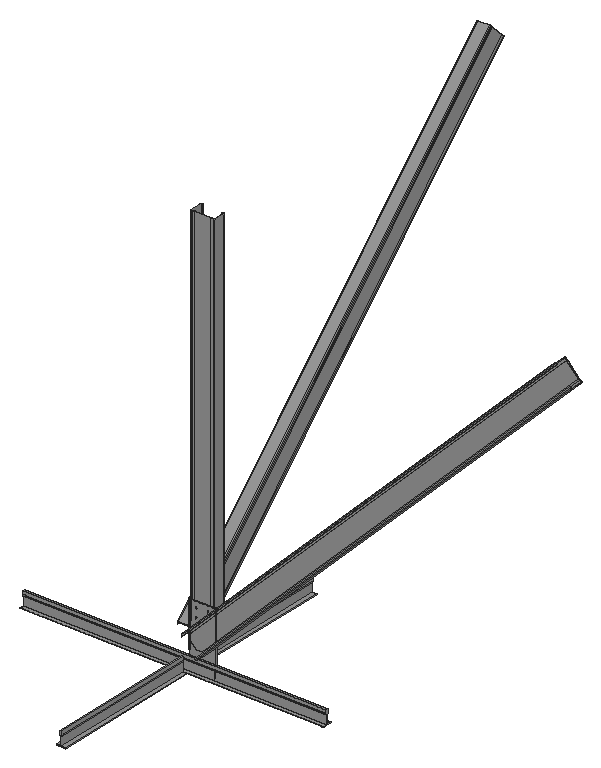
Revit family "Stratobrace", category Generic Models, Revit 2020
Family settings
  Can host rebar = No
  Round Connector Dimension = Use Diameter
  Part Type = Normal
  Work Plane-Based = Yes
  Always vertical = Yes
  Cut with Voids When Loaded = No
  Shared = No
  Room Calculation Point = No
Parameters
  URL = "https://www.tris.co.nz/products/info/126/StratoBrace-Rigid-Ceiling-Brace"
  Sound Transmission Class = "N/A"  # constant formula
  Masterspec CBI = "3421"  # constant formula
  Manufacturer = "Cold Rolled Systems"  # constant formula
  Main Tee Material = Steel
  Main Tee Length [instance] = if(Main Tee Length Input > 100 mm, Main Tee Length Input, 100 mm)  # 800 mm
  Main Tee Length Input [instance] = 800 mm
  Stud 92x35 Boxed [instance] = and(Bracing On, Ceiling Height > 1900 mm)  # no
  Stud 64x35 Boxed [instance] = and(Bracing On, Ceiling Height > 1300 mm, not(Ceiling Height > 1900 mm))  # no
  Stud 64x35 [instance] = and(Bracing On, not(Ceiling Height > 1300 mm))  # yes
  Stratobrace Bracket Material = Steel
  Model = "StratoBrace (Rigid Ceiling Brace)."  # constant formula
  Material = "Grade 250 steel 2mm thick with yield strength of 250MPa."  # constant formula
  IFCName = "Stratobrace"
  IFCExportType = "BRACED_FRAME"
  IFCExportAs = "IfcElementAssembly"
  Fire Protection = "N/A"  # constant formula
  Description = "Designed to lock into a two way suspended grid system to increase its ability to withstand lateral loads."  # constant formula
  Default Elevation = 2200 mm
  Cross Tee Material = Steel
  Cross Tee Length [instance] = if(Cross Tee Length Input > 100 mm, Cross Tee Length Input, 100 mm)  # 400 mm
  Cross Tee Length Input [instance] = 400 mm
  Compression Post Material = Steel
  Compression Post Height [instance] = Brace Arm 1 Length * cos(Brace Arm 1 Angle) - 30.3 mm  # 969.7 mm
  Ceiling Height Input [instance] = 1000 mm
  Ceiling Height [instance] = if(Ceiling Height Input > 2100 mm, 2100 mm, Ceiling Height Input)  # 1000 mm
  Ceiling Framing On [instance] = yes
  Bracing On [instance] = yes
  Brace Arm Material = Steel
  Brace Arm 2 Length [instance] = Ceiling Height / cos(Brace Arm 2 Angle)  # 1414.214 mm
  Brace Arm 2 Angle Input [instance] = 45.00°
  Brace Arm 2 Angle [instance] = if(Brace Arm 2 Angle Input < 35.00°, 35.00°, if(Brace Arm 2 Angle Input > 55.00°, 55.00°, Brace Arm 2 Angle Input))  # 45.00°
  Brace Arm 1 Length [instance] = Ceiling Height / cos(Brace Arm 1 Angle)  # 1414.214 mm
  Brace Arm 1 Angle Input [instance] = 45.00°
  Brace Arm 1 Angle [instance] = if(Brace Arm 1 Angle Input < 35.00°, 35.00°, if(Brace Arm 1 Angle Input > 55.00°, 55.00°, Brace Arm 1 Angle Input))  # 45.00°
Reference planes
  plane 1 "Center (Front/Back)": y = 0
  plane 2: z = 0
  plane 3 "Center (Left/Right)": x = 0
  plane 4: z = 85.563
  plane 5: x = -3.878
  plane 6: y = -4
  plane 7: x = 5
  plane 8: z = 115.88
  plane 9: y = -15
  plane 10: y = 13.6
  plane 11: y = 5
  plane 12: x = 9.742
  plane 13: z = 55.563
  plane 14: y = 9.62
Dimensions and locks
  aligned and locked: level to plane 2
Nested families
  nested 1: "StratobraceBracket" at (0, 0, 4.313), IFCExportAs <- "IFCExportAs", IFCExportType <- "IFCExportType", Stratobrace Bracket Material <- "Stratobrace Bracket Material", type "StratobraceBracket"
    with Stratobrace Bracket Material Steel, IFCExportType "BRACED_FRAME", IFCExportAs "IfcElementAssembly"
  nested 2: "Main Tee_Stratobrace" at (-29.428, -0.75, 1.5), Main Tee Material <- "Main Tee Material", Main Tee Length <- "Main Tee Length", IFCExportAs <- "IFCExportAs", IFCExportType <- "IFCExportType", visible <- "Ceiling Framing On", type "Main Tee_Stratobrace"
    with Main Tee Material Steel, Main Tee Length 800 mm, IFCExportType "BRACED_FRAME", IFCExportAs "IfcElementAssembly"
  nested 3: "Cross Tee_Stratobrace" at (-0.75, 13.6, 1.5) x (0, 1, 0) z (0, 0, 1), Cross Tee Material <- "Cross Tee Material", Cross Tee Length <- "Cross Tee Length", IFCExportAs <- "IFCExportAs", IFCExportType <- "IFCExportType", visible <- "Ceiling Framing On", type "Cross Tee_Stratobrace"
    with IFCExportType "BRACED_FRAME", IFCExportAs "IfcElementAssembly", Cross Tee Material Steel, Cross Tee Length 400 mm
  nested 4: "Cross Tee_Stratobrace" at (-0.75, -13.6, 1.5) x (0, -1, 0) z (0, 0, 1), Cross Tee Material <- "Cross Tee Material", Cross Tee Length <- "Cross Tee Length", IFCExportAs <- "IFCExportAs", IFCExportType <- "IFCExportType", visible <- "Ceiling Framing On", type "Cross Tee_Stratobrace"
    with IFCExportType "BRACED_FRAME", IFCExportAs "IfcElementAssembly", Cross Tee Material Steel, Cross Tee Length 400 mm
  nested 5: "CompressionPost 92x35_Boxed" at (5, 5, 115.88) x (-1, 0, 0) z (0, 1, 0), visible <- "Stud 92x35 Boxed", IFCExportAs <- "IFCExportAs", IFCExportType <- "IFCExportType", Compression Post Height <- "Compression Post Height", Compression Post Material <- "Compression Post Material", type "CompressionPost 92x35_Boxed"
    with IFCExportType "BRACED_FRAME", IFCExportAs "IfcElementAssembly", Compression Post Material Steel, Compression Post Height 969.7 mm
  nested 6: "CompressionPost 64x35_Boxed" at (5, 5, 115.88) x (-1, 0, 0) z (0, 1, 0), Compression Post Height <- "Compression Post Height", visible <- "Stud 64x35 Boxed", IFCExportAs <- "IFCExportAs", IFCExportType <- "IFCExportType", Compression Post Material <- "Compression Post Material", type "CompressionPost 64x35_Boxed"
    with IFCExportType "BRACED_FRAME", IFCExportAs "IfcElementAssembly", Compression Post Material Steel, Compression Post Height 969.7 mm
  nested 7: "CompressionPost 64x35" at (5, 5, 115.88) x (-1, 0, 0) z (0, 1, 0), visible <- "Stud 64x35", Compression Post Height <- "Compression Post Height", IFCExportAs <- "IFCExportAs", IFCExportType <- "IFCExportType", Compression Post Material <- "Compression Post Material", type "CompressionPost 64x35"
    with IFCExportType "BRACED_FRAME", IFCExportAs "IfcElementAssembly", Compression Post Material Steel, Compression Post Height 969.7 mm
  nested 8: "BraceArm 64x35" at (39.742, 3, 41.942) x (0, 0, 1) z (0, -1, 0), visible <- "Stud 64x35", Brace Arm Material <- "Brace Arm Material", IFCExportAs <- "IFCExportAs", IFCExportType <- "IFCExportType", Brace Arm Angle <- "Brace Arm 2 Angle", Brace Arm Length <- "Brace Arm 2 Length", type "BraceArm 64x35"
    with IFCExportType "BRACED_FRAME", IFCExportAs "IfcElementAssembly", Brace Arm Material Steel, Brace Arm Length 1414.214 mm, Brace Arm Angle 45.00°
  nested 9: "BraceArm 64x35" at (3, -4, 85.563) x (0, 1, 0) z (-1, 0, 0), visible <- "Stud 64x35", Brace Arm Material <- "Brace Arm Material", IFCExportAs <- "IFCExportAs", IFCExportType <- "IFCExportType", Brace Arm Angle <- "Brace Arm 1 Angle", Brace Arm Length <- "Brace Arm 1 Length", type "BraceArm 64x35"
    with IFCExportType "BRACED_FRAME", IFCExportAs "IfcElementAssembly", Brace Arm Material Steel, Brace Arm Length 1414.214 mm, Brace Arm Angle 45.00°
  nested 10: "BraceArm 64x35_Boxed" at (-3.878, 3, 85.563) x (1, 0, 0) z (0, -1, 0), Brace Arm Angle <- "Brace Arm 2 Angle", Brace Arm Length <- "Brace Arm 2 Length", visible <- "Stud 64x35 Boxed", IFCExportAs <- "IFCExportAs", IFCExportType <- "IFCExportType", Brace Arm Material <- "Brace Arm Material", type "BraceArm 64x35_Boxed"
    with IFCExportType "BRACED_FRAME", IFCExportAs "IfcElementAssembly", Brace Arm Material Steel, Brace Arm Length 1414.214 mm, Brace Arm Angle 45.00°
  nested 11: "BraceArm 64x35_Boxed" at (3, -4, 85.563) x (0, 1, 0) z (-1, 0, 0), Brace Arm Angle <- "Brace Arm 1 Angle", Brace Arm Length <- "Brace Arm 1 Length", visible <- "Stud 64x35 Boxed", IFCExportAs <- "IFCExportAs", IFCExportType <- "IFCExportType", Brace Arm Material <- "Brace Arm Material", type "BraceArm 64x35_Boxed"
    with IFCExportType "BRACED_FRAME", IFCExportAs "IfcElementAssembly", Brace Arm Material Steel, Brace Arm Length 1414.214 mm, Brace Arm Angle 45.00°
  nested 12: "BraceArm 92x35_Boxed" at (11.525, 3, 85.563) x (1, 0, 0) z (0, -1, 0), Brace Arm Angle <- "Brace Arm 2 Angle", Brace Arm Length <- "Brace Arm 2 Length", visible <- "Stud 92x35 Boxed", Brace Arm Material <- "Brace Arm Material", IFCExportAs <- "IFCExportAs", IFCExportType <- "IFCExportType", type "BraceArm 92x35_Boxed"
    with IFCExportType "BRACED_FRAME", IFCExportAs "IfcElementAssembly", Brace Arm Material Steel, Brace Arm Length 1414.214 mm, Brace Arm Angle 45.00°
  nested 13: "BraceArm 92x35_Boxed" at (3, 41.287, 40.562) x (0, 0, 1) z (-1, 0, 0), Brace Arm Angle <- "Brace Arm 1 Angle", Brace Arm Length <- "Brace Arm 1 Length", visible <- "Stud 92x35 Boxed", Brace Arm Material <- "Brace Arm Material", IFCExportAs <- "IFCExportAs", IFCExportType <- "IFCExportType", type "BraceArm 92x35_Boxed"
    with IFCExportType "BRACED_FRAME", IFCExportAs "IfcElementAssembly", Brace Arm Material Steel, Brace Arm Length 1414.214 mm, Brace Arm Angle 45.00°
Definition of nested family "StratobraceBracket"
  Parameters (values of type "StratobraceBracket")
    Stratobrace Bracket Material [instance] = none
    IFCExportType [instance] = ""
    IFCExportAs [instance] = ""
    Default Elevation = 0 mm
  Reference planes
    plane 1 "Center (Front/Back)": y = 0
    plane 2: z = 0
    plane 3 "Center (Left/Right)": x = 0
    plane 4: y = 7
    plane 5: y = 75
    plane 6: x = 7
    plane 7: x = 75
  Forms (mm)
    Sweep 1, solid, material <- "Stratobrace Bracket Material"
      path origin (4.5, 5, 0) x (1, 0, 0) y (0, 1, 0)
        loop
          line (70.5, 0) -> (2.5, 0)
      profile origin (41, 5, 0) x (0, -1, 0) y (0, 0, 1)
        loop
          line (2, 165) -> (0, 165) -> (0, 25)
          arc (0, 25) -> (0.405, 23.668) -> (1.161, 22.5) r 5
          arc (1.161, 22.5) -> (2.279, 21.396) -> (3, 20) r 5
          line (3, 20) -> (3, 0) -> (5, 0) -> (5, 20)
          arc (5, 20) -> (4.302, 21.413) -> (3.161, 22.5) r 4.518
          arc (3.161, 22.5) -> (2.405, 23.668) -> (2, 25) r 5
          line (2, 25) -> (2, 165)
    Sweep 2, solid, material <- "Stratobrace Bracket Material"
      path origin (-3, 4, 0) x (1, 0, 0) y (0, 1, 0)
        loop
          line (5.5, 71) -> (5.5, 3)
      profile origin (2.5, 41, 0) x (1, 0, 0) y (0, 0, 1)
        loop
          line (0.5, 165) -> (0.5, 25)
          arc (0.5, 25) -> (0.153, 23.508) -> (-1.001, 22.5) r 2.496
          arc (-1.001, 22.5) -> (-2.049, 21.429) -> (-2.5, 20) r 3.229
          line (-2.5, 20) -> (-2.5, 0) -> (-0.5, 0) -> (-0.5, 20)
          arc (-0.5, 20) -> (0.058, 21.47) -> (1.246, 22.5) r 3.22
          arc (1.246, 22.5) -> (2.252, 23.56) -> (2.5, 25) r 2.517
          line (2.5, 25) -> (2.5, 165) -> (0.5, 165)
    Extrusion 3, solid, material <- "Stratobrace Bracket Material"
      sketch origin (6.5, 5, -5) x (1, 0, 0) y (0, 1, 0)
        loop
          line (-1.5, 2) -> (-3.5, 2) -> (-3.5, 0)
          arc (-3.5, 0) -> (-2.914, -1.414) -> (-1.5, -2) r 2
          line (-1.5, -2) -> (0.5, -2) -> (0.5, 0)
          arc (0.5, 0) -> (-0.914, 0.586) -> (-1.5, 2) r 2
      from 50 to 170
    Extrusion 4, void
      sketch origin (0, 5, 0) x (0, 1, 0) y (0, 0, 1)
        loop
          circle (20, 150) r 2.5
        loop
          circle (20, 125) r 2.5
        loop
          circle (50, 150) r 2.5
        loop
          circle (50, 125) r 2.5
        loop
          circle (37.322, 95.133) r 2.5
        loop
          circle (16.154, 73.964) r 2.5
        loop
          circle (55, 77.5) r 2.5
        loop
          circle (33.787, 56.287) r 2.5
        loop
          circle (60, 10) r 2.5
        loop
          circle (45, 10) r 2.5
        loop
          circle (30, 10) r 2.5
        loop
          circle (15, 10) r 2.5
      from -19.622 to 15.615
    Extrusion 5, void
      sketch origin (74.979, 7.581, 0) x (-1, 0, 0) y (0, 0, 1)
        loop
          circle (20, 150) r 2.5
        loop
          circle (20, 125) r 2.5
        loop
          circle (50, 150) r 2.5
        loop
          circle (50, 125) r 2.5
        loop
          circle (32.688, 95.178) r 2.5
        loop
          circle (15.019, 77.5) r 2.5
        loop
          circle (53.896, 73.964) r 2.5
        loop
          circle (36.224, 56.287) r 2.5
        loop
          circle (54.979, 10) r 2.5
        loop
          circle (39.979, 10) r 2.5
        loop
          circle (24.979, 10) r 2.5
        loop
          circle (9.979, 10) r 2.5
      from -19.622 to 15.615
  Cuts and joins
    Extrusion 4, Extrusion 5 cuts Sweep 1
    Extrusion 4 cuts Sweep 2
  Dimensions and locks
    aligned and locked: level to plane 2
Definition of nested family "Main Tee_Stratobrace"
  Parameters (values of type "Main Tee_Stratobrace")
    Main Tee Material [instance] = none
    Main Tee Length [instance] = 1384.67 mm
    IFCExportType [instance] = ""
    IFCExportAs [instance] = ""
    Default Elevation = 0 mm
  Reference planes
    plane 1 "Center (Front/Back)": y = 0
    plane 2: z = 0
    plane 3 "Center (Left/Right)": x = 0
    plane 4: x = -692.335
    plane 5: x = 692.335
  Forms (mm)
    Sweep 1, solid, material <- "Main Tee Material"
      path origin (0, 0, 0) x (1, 0, 0) y (0, 1, 0)
        loop
          line (-692.335, 0) -> (692.335, 0)
      profile "MainTee_24mm : MainTee" origin (0, 0, 0) x (0, 1, 0) y (0, 0, 1)
        loop
          line (2.5, 35.5) -> (-2.5, 35.5) -> (-2.5, 25.5)
          arc (-2.5, 25.5) -> (-1.225, 24.393) -> (-0.75, 22.773) r 3
          line (-0.75, 22.773) -> (-0.75, 0) -> (-12, 0) -> (-12, -1.5) -> (12, -1.5) -> (12, 0) -> (0.75, 0) -> (0.75, 22.773)
          arc (0.75, 22.773) -> (1.225, 24.393) -> (2.5, 25.5) r 3
          line (2.5, 25.5) -> (2.5, 35.5)
  Dimensions and locks
    equal spacing: plane 4, plane 3 "Center (Left/Right)", plane 5
    "Main Tee Length": plane 4 to plane 5
    aligned and locked: level to plane 2
    aligned and locked: plane 5 to Sweep 1 sketch curve
    aligned and locked: plane 4 to Sweep 1 sketch curve
  Automatic sketch dimensions
    plane 1 "Center (Front/Back)" to Sweep 1 sketch curve = 0 mm
Definition of nested family "Cross Tee_Stratobrace"
  Parameters (values of type "Cross Tee_Stratobrace")
    IFCExportType [instance] = ""
    IFCExportAs [instance] = ""
    Cross Tee Material [instance] = none
    Cross Tee Length [instance] = 1384.67 mm
    Default Elevation = 0 mm
  Reference planes
    plane 1 "Center (Front/Back)": y = 0
    plane 2: z = 0
    plane 3 "Center (Left/Right)": x = 0
    plane 4: x = 1384.67
  Forms (mm)
    Sweep 1, solid, material <- "Cross Tee Material"
      path origin (0, 0, 0) x (1, 0, 0) y (0, 1, 0)
        loop
          line (0, 0) -> (1384.67, 0)
      profile "CrossTee_24mm : CrossTee" origin (692.335, 0, 0) x (0, 1, 0) y (0, 0, 1)
        loop
          line (2.5, 35.5) -> (-2.5, 35.5) -> (-2.5, 25.5)
          arc (-2.5, 25.5) -> (-1.225, 24.393) -> (-0.75, 22.773) r 3
          line (-0.75, 22.773) -> (-0.75, 0) -> (-12, 0) -> (-12, -1.5) -> (12, -1.5) -> (12, 0) -> (0.75, 0) -> (0.75, 22.773)
          arc (0.75, 22.773) -> (1.225, 24.393) -> (2.5, 25.5) r 3
          line (2.5, 25.5) -> (2.5, 35.5)
  Dimensions and locks
    "Cross Tee Length": plane 3 "Center (Left/Right)" to plane 4
    aligned and locked: level to plane 2
    aligned and locked: plane 3 "Center (Left/Right)" to Sweep 1 sketch curve
    aligned and locked: plane 4 to Sweep 1 sketch curve
  Automatic sketch dimensions
    plane 1 "Center (Front/Back)" to Sweep 1 sketch curve = 0 mm
Definition of nested family "CompressionPost 92x35_Boxed"
  Parameters (values of type "CompressionPost 92x35_Boxed")
    IFCExportType [instance] = ""
    IFCExportAs [instance] = ""
    Default Elevation = 1219.2 mm
    Compression Post Material [instance] = none
    Compression Post Height [instance] = 1200 mm
  Reference planes
    plane 1 "Center (Front/Back)": y = 0
    plane 2: z = 0
    plane 3 "Center (Left/Right)": x = 0
    plane 4: y = 1200
  Forms (mm)
    Extrusion 1, solid
      sketch origin (0, 0, 0) x (1, 0, 0) y (0, 1, 0)
        loop
          line (-1219.2, 1219.2) -> (-1219.2, -1219.2) -> (1219.2, -1219.2) -> (1219.2, 1219.2) -> (-1219.2, 1219.2)
      from 0 to -304.8
    Sweep 2, solid, material <- "Compression Post Material"
      path origin (0, 0, 0) x (-0.573576, 0.819152, 0) y (-0.819152, -0.573576, 0)
        loop
          line (982.982, -688.292) -> (0, 0)
      profile "Stud 92x35_Boxed : Stud 92x35_Boxed" origin (0, 600, 0) x (1, 0, 0) y (0, 0, 1)
        loop
          line (-84.261, 0.9) -> (-82.775, 1.45) -> (-9.325, 1.45) -> (-7.839, 0.9) -> (-1.9, 0.9)
          arc (-1.9, 0.9) -> (-1.193, 1.193) -> (-0.9, 1.9) r 1
          line (-0.9, 1.9) -> (-0.9, 33.5)
          arc (-0.9, 33.5) -> (-1.193, 34.207) -> (-1.9, 34.5) r 1
          line (-1.9, 34.5) -> (-8.739, 34.5) -> (-10.225, 33.95) -> (-83.675, 33.95) -> (-85.161, 34.5) -> (-91.1, 34.5)
          arc (-91.1, 34.5) -> (-91.807, 34.207) -> (-92.1, 33.5) r 1
          line (-92.1, 33.5) -> (-92.1, 1.9)
          arc (-92.1, 1.9) -> (-91.807, 1.193) -> (-91.1, 0.9) r 1
          line (-91.1, 0.9) -> (-84.261, 0.9)
        loop
          line (-8, 0) -> (-1.69, 0)
          arc (-1.69, 0) -> (-0.495, 0.495) -> (0, 1.69) r 1.69
          line (0, 1.69) -> (0, 33.71)
          arc (0, 33.71) -> (-0.495, 34.905) -> (-1.69, 35.4) r 1.69
          line (-1.69, 35.4) -> (-8.9, 35.4) -> (-10.386, 34.85) -> (-83.514, 34.85) -> (-85, 35.4) -> (-91.31, 35.4)
          arc (-91.31, 35.4) -> (-92.505, 34.905) -> (-93, 33.71) r 1.69
          line (-93, 33.71) -> (-93, 1.69)
          arc (-93, 1.69) -> (-92.505, 0.495) -> (-91.31, 0) r 1.69
          line (-91.31, 0) -> (-84.1, 0) -> (-82.614, 0.55) -> (-9.486, 0.55) -> (-8, 0)
  Dimensions and locks
    "Compression Post Height": plane 4 to plane 1 "Center (Front/Back)"
    aligned and locked: plane 2 to Extrusion 1
    aligned and locked: level to Extrusion 1
    aligned and locked: plane 1 "Center (Front/Back)" to Sweep 2 sketch curve
    aligned and locked: plane 4 to Sweep 2 sketch curve
    aligned and locked: Sweep 2 sketch curve to plane 3 "Center (Left/Right)"
  Automatic sketch dimensions
    Extrusion 1 sketch curve to Extrusion 1 sketch curve = 2438.4 mm  (x2)
Definition of nested family "CompressionPost 64x35_Boxed"
  Parameters (values of type "CompressionPost 64x35_Boxed")
    IFCExportType [instance] = ""
    IFCExportAs [instance] = ""
    Default Elevation = 1219.2 mm
    Compression Post Material [instance] = none
    Compression Post Height [instance] = 1200 mm
  Reference planes
    plane 1 "Center (Front/Back)": y = 0
    plane 2: z = 0
    plane 3 "Center (Left/Right)": x = 0
    plane 4: y = 1200
  Forms (mm)
    Extrusion 1, solid
      sketch origin (0, 0, 0) x (1, 0, 0) y (0, 1, 0)
        loop
          line (-1219.2, 1219.2) -> (-1219.2, -1219.2) -> (1219.2, -1219.2) -> (1219.2, 1219.2) -> (-1219.2, 1219.2)
      from 0 to -304.8
    Sweep 2, solid, material <- "Compression Post Material"
      path origin (0, 0, 0) x (-0.573576, 0.819152, 0) y (-0.819152, -0.573576, 0)
        loop
          line (982.982, -688.292) -> (0, 0)
      profile "Stud 64x35_Boxed : Stud 64x35_Boxed" origin (0, 600, 0) x (1, 0, 0) y (0, 0, 1)
        loop
          line (-9.325, 1.45) -> (-7.839, 0.9) -> (-1.69, 0.9)
          arc (-1.69, 0.9) -> (-1.131, 1.131) -> (-0.9, 1.69) r 0.79
          line (-0.9, 1.69) -> (-0.9, 33.71)
          arc (-0.9, 33.71) -> (-1.131, 34.269) -> (-1.69, 34.5) r 0.79
          line (-1.69, 34.5) -> (-8.739, 34.5) -> (-10.225, 33.95) -> (-55.075, 33.95) -> (-56.561, 34.5) -> (-62.71, 34.5)
          arc (-62.71, 34.5) -> (-63.269, 34.269) -> (-63.5, 33.71) r 0.79
          line (-63.5, 33.71) -> (-63.5, 1.69)
          arc (-63.5, 1.69) -> (-63.269, 1.131) -> (-62.71, 0.9) r 0.79
          line (-62.71, 0.9) -> (-55.661, 0.9) -> (-54.175, 1.45) -> (-9.325, 1.45)
        loop
          line (-55.5, 0) -> (-54.014, 0.55) -> (-9.486, 0.55) -> (-8, 0) -> (-1.69, 0)
          arc (-1.69, 0) -> (-0.495, 0.495) -> (0, 1.69) r 1.69
          line (0, 1.69) -> (0, 33.71)
          arc (0, 33.71) -> (-0.495, 34.905) -> (-1.69, 35.4) r 1.69
          line (-1.69, 35.4) -> (-8.9, 35.4) -> (-10.386, 34.85) -> (-54.914, 34.85) -> (-56.4, 35.4) -> (-62.71, 35.4)
          arc (-62.71, 35.4) -> (-63.905, 34.905) -> (-64.4, 33.71) r 1.69
          line (-64.4, 33.71) -> (-64.4, 1.69)
          arc (-64.4, 1.69) -> (-63.905, 0.495) -> (-62.71, 0) r 1.69
          line (-62.71, 0) -> (-55.5, 0)
  Dimensions and locks
    "Compression Post Height": plane 4 to plane 1 "Center (Front/Back)"
    aligned and locked: plane 2 to Extrusion 1
    aligned and locked: level to Extrusion 1
    aligned and locked: plane 1 "Center (Front/Back)" to Sweep 2 sketch curve
    aligned and locked: plane 4 to Sweep 2 sketch curve
    aligned and locked: Sweep 2 sketch curve to plane 3 "Center (Left/Right)"
  Automatic sketch dimensions
    Extrusion 1 sketch curve to Extrusion 1 sketch curve = 2438.4 mm  (x2)
Definition of nested family "CompressionPost 64x35"
  Parameters (values of type "CompressionPost 64x35")
    IFCExportType [instance] = ""
    IFCExportAs [instance] = ""
    Default Elevation = 1219.2 mm
    Compression Post Material [instance] = none
    Compression Post Height [instance] = 1200 mm
  Reference planes
    plane 1 "Center (Front/Back)": y = 0
    plane 2: z = 0
    plane 3 "Center (Left/Right)": x = 0
    plane 4: y = 1200
  Forms (mm)
    Extrusion 1, solid
      sketch origin (0, 0, 0) x (1, 0, 0) y (0, 1, 0)
        loop
          line (-1219.2, 1219.2) -> (-1219.2, -1219.2) -> (1219.2, -1219.2) -> (1219.2, 1219.2) -> (-1219.2, 1219.2)
      from 0 to -304.8
    Sweep 2, solid, material <- "Compression Post Material"
      path origin (0, 0, 0) x (-0.573576, 0.819152, 0) y (-0.819152, -0.573576, 0)
        loop
          line (982.982, -688.292) -> (0, 0)
      profile "Stud 64x35 : Stud 64x35" origin (0, 600, 0) x (1, 0, 0) y (0, 0, 1)
        loop
          line (-55.5, 0) -> (-54.014, 0.55) -> (-9.486, 0.55) -> (-8, 0) -> (-1.69, 0)
          arc (-1.69, 0) -> (-0.495, 0.495) -> (0, 1.69) r 1.69
          line (0, 1.69) -> (0, 33.71)
          arc (0, 33.71) -> (-0.495, 34.905) -> (-1.69, 35.4) r 1.69
          line (-1.69, 35.4) -> (-5, 35.4) -> (-5, 34.5) -> (-1.9, 34.5)
          arc (-1.9, 34.5) -> (-1.193, 34.207) -> (-0.9, 33.5) r 1
          line (-0.9, 33.5) -> (-0.9, 1.9)
          arc (-0.9, 1.9) -> (-1.193, 1.193) -> (-1.9, 0.9) r 1
          line (-1.9, 0.9) -> (-7.839, 0.9) -> (-9.325, 1.45) -> (-54.175, 1.45) -> (-55.661, 0.9) -> (-61.6, 0.9)
          arc (-61.6, 0.9) -> (-62.307, 1.193) -> (-62.6, 1.9) r 1
          line (-62.6, 1.9) -> (-62.6, 30.9)
          arc (-62.6, 30.9) -> (-62.307, 31.607) -> (-61.6, 31.9) r 1
          line (-61.6, 31.9) -> (-58.5, 31.9) -> (-58.5, 32.8) -> (-61.81, 32.8)
          arc (-61.81, 32.8) -> (-63.005, 32.305) -> (-63.5, 31.11) r 1.69
          line (-63.5, 31.11) -> (-63.5, 1.69)
          arc (-63.5, 1.69) -> (-63.005, 0.495) -> (-61.81, 0) r 1.69
          line (-61.81, 0) -> (-55.5, 0)
  Dimensions and locks
    "Compression Post Height": plane 4 to plane 1 "Center (Front/Back)"
    aligned and locked: plane 2 to Extrusion 1
    aligned and locked: level to Extrusion 1
    aligned and locked: plane 1 "Center (Front/Back)" to Sweep 2 sketch curve
    aligned and locked: plane 4 to Sweep 2 sketch curve
    aligned and locked: Sweep 2 sketch curve to plane 3 "Center (Left/Right)"
  Automatic sketch dimensions
    Extrusion 1 sketch curve to Extrusion 1 sketch curve = 2438.4 mm  (x2)
Definition of nested family "BraceArm 64x35"
  Parameters (values of type "BraceArm 64x35")
    IFCExportType [instance] = ""
    IFCExportAs [instance] = ""
    Default Elevation = 1219.2 mm
    Brace Arm Material [instance] = none
    Brace Arm Length [instance] = 1200 mm
    Brace Arm Angle [instance] = 35.00°
  Reference planes
    plane 1 "Center (Front/Back)": y = 0
    plane 2: z = 0
    plane 3 "Center (Left/Right)": x = 0
    plane 4: y = -89.883
    plane 5: y = 90
    plane 6: x = 115
  Forms (mm)
    Extrusion 1, solid
      sketch origin (0, 0, 0) x (1, 0, 0) y (0, 1, 0)
        loop
          line (-1219.2, 1219.2) -> (-1219.2, -1219.2) -> (1219.2, -1219.2) -> (1219.2, 1219.2) -> (-1219.2, 1219.2)
      from 0 to -304.8
    Sweep 2, solid, material <- "Brace Arm Material"
      path in 3D
        loop
          line (0, 0, 0) -> (688.292, 982.982, 0)
      profile "Stud 64x35 : Stud 64x35" origin (344.146, 491.491, 0) x (-0.819152, 0.573576, 0) y (0, 0, 1)
        loop
          line (-55.5, 0) -> (-54.014, 0.55) -> (-9.486, 0.55) -> (-8, 0) -> (-1.69, 0)
          arc (-1.69, 0) -> (-0.495, 0.495) -> (0, 1.69) r 1.69
          line (0, 1.69) -> (0, 33.71)
          arc (0, 33.71) -> (-0.495, 34.905) -> (-1.69, 35.4) r 1.69
          line (-1.69, 35.4) -> (-5, 35.4) -> (-5, 34.5) -> (-1.9, 34.5)
          arc (-1.9, 34.5) -> (-1.193, 34.207) -> (-0.9, 33.5) r 1
          line (-0.9, 33.5) -> (-0.9, 1.9)
          arc (-0.9, 1.9) -> (-1.193, 1.193) -> (-1.9, 0.9) r 1
          line (-1.9, 0.9) -> (-7.839, 0.9) -> (-9.325, 1.45) -> (-54.175, 1.45) -> (-55.661, 0.9) -> (-61.6, 0.9)
          arc (-61.6, 0.9) -> (-62.307, 1.193) -> (-62.6, 1.9) r 1
          line (-62.6, 1.9) -> (-62.6, 30.9)
          arc (-62.6, 30.9) -> (-62.307, 31.607) -> (-61.6, 31.9) r 1
          line (-61.6, 31.9) -> (-58.5, 31.9) -> (-58.5, 32.8) -> (-61.81, 32.8)
          arc (-61.81, 32.8) -> (-63.005, 32.305) -> (-63.5, 31.11) r 1.69
          line (-63.5, 31.11) -> (-63.5, 1.69)
          arc (-63.5, 1.69) -> (-63.005, 0.495) -> (-61.81, 0) r 1.69
          line (-61.81, 0) -> (-55.5, 0)
    Extrusion 3, void
      sketch origin (0, 0, 0) x (1, 0, 0) y (0, 1, 0)
        loop
          line (0, -89.883) -> (13.62, -99.419) -> (13.62, 90) -> (0, 90) -> (0, -89.883)
      from -24.919 to 250
    Extrusion 4, void
      sketch origin (90, 0, 0) x (1, 0, 0) y (0, 1, 0)
        loop
          line (-90, -84.88) -> (5, -84.88) -> (5, -30) -> (-90, -30) -> (-90, -84.88)
      from -24.919 to 250
  Cuts and joins
    Extrusion 3, Extrusion 4 cuts Sweep 2
  Lines and regions (mm)
    reference lines
      curve 1: line (0, 0, 0) -> (688.292, 982.982, 0)
    sketch lines
      curve 2: line (0, 0, 0) -> (688.292, 982.982, 0)
  Dimensions and locks
    "Brace Arm Length": curve 1 to curve 1
    locked: plane 4 to plane 1 "Center (Front/Back)" at 89.883
    locked: plane 5 to plane 1 "Center (Front/Back)" at 90
    locked: plane 3 "Center (Left/Right)" to plane 6 at 115
    "Brace Arm Angle": angle curve 1 to plane 3 "Center (Left/Right)"
    aligned and locked: plane 2 to Extrusion 1
    aligned and locked: level to Extrusion 1
    aligned and locked: plane 3 "Center (Left/Right)" to curve 1
    aligned and locked: plane 1 "Center (Front/Back)" to curve 1
    aligned and locked: plane 5 to Extrusion 3 sketch curve
  Automatic sketch dimensions
    Extrusion 1 sketch curve to Extrusion 1 sketch curve = 2438.4 mm  (x2)
    Extrusion 3 sketch curve to plane 3 "Center (Left/Right)" = 0 mm
    plane 4 to Extrusion 3 sketch curve = 0 mm
    plane 3 "Center (Left/Right)" to Extrusion 3 sketch curve = 13.62 mm
    plane 4 to Extrusion 3 sketch curve = 9.537 mm
    Extrusion 4 sketch curve to plane 3 "Center (Left/Right)" = 0 mm
    plane 1 "Center (Front/Back)" to Extrusion 4 sketch curve = 30 mm
    Extrusion 4 sketch curve to plane 6 = 20 mm
    Extrusion 4 sketch curve to plane 4 = 5.002 mm
Definition of nested family "BraceArm 64x35_Boxed"
  Parameters (values of type "BraceArm 64x35_Boxed")
    IFCExportType [instance] = ""
    IFCExportAs [instance] = ""
    Default Elevation = 1219.2 mm
    Brace Arm Material [instance] = none
    Brace Arm Length [instance] = 1200 mm
    Brace Arm Angle [instance] = 35.00°
  Reference planes
    plane 1 "Center (Front/Back)": y = 0
    plane 2: z = 0
    plane 3 "Center (Left/Right)": x = 0
    plane 4: y = -89.883
    plane 5: y = 90
    plane 6: x = 115
  Forms (mm)
    Extrusion 1, solid
      sketch origin (0, 0, 0) x (1, 0, 0) y (0, 1, 0)
        loop
          line (-1219.2, 1219.2) -> (-1219.2, -1219.2) -> (1219.2, -1219.2) -> (1219.2, 1219.2) -> (-1219.2, 1219.2)
      from 0 to -304.8
    Sweep 2, solid, material <- "Brace Arm Material"
      path in 3D
        loop
          line (0, 0, 0) -> (688.292, 982.982, 0)
      profile "Stud 64x35_Boxed : Stud 64x35_Boxed" origin (344.146, 491.491, 0) x (-0.819152, 0.573576, 0) y (0, 0, 1)
        loop
          line (-9.325, 1.45) -> (-7.839, 0.9) -> (-1.69, 0.9)
          arc (-1.69, 0.9) -> (-1.131, 1.131) -> (-0.9, 1.69) r 0.79
          line (-0.9, 1.69) -> (-0.9, 33.71)
          arc (-0.9, 33.71) -> (-1.131, 34.269) -> (-1.69, 34.5) r 0.79
          line (-1.69, 34.5) -> (-8.739, 34.5) -> (-10.225, 33.95) -> (-55.075, 33.95) -> (-56.561, 34.5) -> (-62.71, 34.5)
          arc (-62.71, 34.5) -> (-63.269, 34.269) -> (-63.5, 33.71) r 0.79
          line (-63.5, 33.71) -> (-63.5, 1.69)
          arc (-63.5, 1.69) -> (-63.269, 1.131) -> (-62.71, 0.9) r 0.79
          line (-62.71, 0.9) -> (-55.661, 0.9) -> (-54.175, 1.45) -> (-9.325, 1.45)
        loop
          line (-55.5, 0) -> (-54.014, 0.55) -> (-9.486, 0.55) -> (-8, 0) -> (-1.69, 0)
          arc (-1.69, 0) -> (-0.495, 0.495) -> (0, 1.69) r 1.69
          line (0, 1.69) -> (0, 33.71)
          arc (0, 33.71) -> (-0.495, 34.905) -> (-1.69, 35.4) r 1.69
          line (-1.69, 35.4) -> (-8.9, 35.4) -> (-10.386, 34.85) -> (-54.914, 34.85) -> (-56.4, 35.4) -> (-62.71, 35.4)
          arc (-62.71, 35.4) -> (-63.905, 34.905) -> (-64.4, 33.71) r 1.69
          line (-64.4, 33.71) -> (-64.4, 1.69)
          arc (-64.4, 1.69) -> (-63.905, 0.495) -> (-62.71, 0) r 1.69
          line (-62.71, 0) -> (-55.5, 0)
    Extrusion 3, void
      sketch origin (0, 0, 0) x (1, 0, 0) y (0, 1, 0)
        loop
          line (0, -89.883) -> (13.62, -109.334) -> (13.62, 90) -> (0, 90) -> (0, -89.883)
      from -24.919 to 250
    Extrusion 4, void
      sketch origin (54.164, -9.551, 0) x (1, 0, 0) y (0, 1, 0)
        loop
          line (-54.164, -65.449) -> (40.836, -65.449) -> (40.836, -20.449) -> (-54.164, -20.449) -> (-54.164, -65.449)
      from -24.919 to 250
  Cuts and joins
    Extrusion 3, Extrusion 4 cuts Sweep 2
  Lines and regions (mm)
    reference lines
      curve 1: line (0, 0, 0) -> (688.292, 982.982, 0)
      curve 3: line (0, -89.883, 0) -> (155.998, -312.671, 0)
    sketch lines
      curve 2: line (0, 0, 0) -> (688.292, 982.982, 0)
  Dimensions and locks
    "Brace Arm Length": curve 1 to curve 1
    locked: plane 4 to plane 1 "Center (Front/Back)" at 89.883
    locked: plane 5 to plane 1 "Center (Front/Back)" at 90
    locked: plane 3 "Center (Left/Right)" to plane 6 at 115
    "Brace Arm Angle": angle curve 1 to plane 3 "Center (Left/Right)"
    angle curve 3 to plane 1 "Center (Front/Back)" = 55.00°
    aligned and locked: plane 2 to Extrusion 1
    aligned and locked: level to Extrusion 1
    aligned and locked: plane 3 "Center (Left/Right)" to curve 1
    aligned and locked: plane 1 "Center (Front/Back)" to curve 1
    aligned and locked: curve 3 to Extrusion 3 sketch curve
    aligned and locked: plane 3 "Center (Left/Right)" to curve 3
    aligned and locked: plane 4 to curve 3
    aligned and locked: plane 5 to Extrusion 3 sketch curve
  Automatic sketch dimensions
    Extrusion 1 sketch curve to Extrusion 1 sketch curve = 2438.4 mm  (x2)
    Extrusion 3 sketch curve to plane 3 "Center (Left/Right)" = 0 mm
    plane 3 "Center (Left/Right)" to Extrusion 3 sketch curve = 13.62 mm
    plane 3 "Center (Left/Right)" to Extrusion 4 sketch curve = 0 mm
    Extrusion 4 sketch curve to plane 6 = 20 mm
    Extrusion 4 sketch curve to plane 4 = 14.883 mm
    plane 1 "Center (Front/Back)" to Extrusion 4 sketch curve = 30 mm
Definition of nested family "BraceArm 92x35_Boxed"
  Parameters (values of type "BraceArm 92x35_Boxed")
    IFCExportType [instance] = ""
    IFCExportAs [instance] = ""
    Default Elevation = 1219.2 mm
    Brace Arm Material [instance] = none
    Brace Arm Length [instance] = 1200 mm
    Brace Arm Angle [instance] = 45.00°
  Reference planes
    plane 1 "Center (Front/Back)": y = 0
    plane 2: z = 0
    plane 3 "Center (Left/Right)": x = 0
    plane 4: y = -89.883
    plane 5: y = 90
    plane 6: x = 115
  Forms (mm)
    Extrusion 1, solid
      sketch origin (0, 0, 0) x (1, 0, 0) y (0, 1, 0)
        loop
          line (-1219.2, 1219.2) -> (-1219.2, -1219.2) -> (1219.2, -1219.2) -> (1219.2, 1219.2) -> (-1219.2, 1219.2)
      from 0 to -304.8
    Sweep 2, solid, material <- "Brace Arm Material"
      path in 3D
        loop
          line (0, 0, 0) -> (848.528, 848.528, 0)
      profile "Stud 92x35_Boxed : Stud 92x35_Boxed" origin (424.264, 424.264, 0) x (-0.707107, 0.707107, 0) y (0, 0, 1)
        loop
          line (-84.261, 0.9) -> (-82.775, 1.45) -> (-9.325, 1.45) -> (-7.839, 0.9) -> (-1.9, 0.9)
          arc (-1.9, 0.9) -> (-1.193, 1.193) -> (-0.9, 1.9) r 1
          line (-0.9, 1.9) -> (-0.9, 33.5)
          arc (-0.9, 33.5) -> (-1.193, 34.207) -> (-1.9, 34.5) r 1
          line (-1.9, 34.5) -> (-8.739, 34.5) -> (-10.225, 33.95) -> (-83.675, 33.95) -> (-85.161, 34.5) -> (-91.1, 34.5)
          arc (-91.1, 34.5) -> (-91.807, 34.207) -> (-92.1, 33.5) r 1
          line (-92.1, 33.5) -> (-92.1, 1.9)
          arc (-92.1, 1.9) -> (-91.807, 1.193) -> (-91.1, 0.9) r 1
          line (-91.1, 0.9) -> (-84.261, 0.9)
        loop
          line (-8, 0) -> (-1.69, 0)
          arc (-1.69, 0) -> (-0.495, 0.495) -> (0, 1.69) r 1.69
          line (0, 1.69) -> (0, 33.71)
          arc (0, 33.71) -> (-0.495, 34.905) -> (-1.69, 35.4) r 1.69
          line (-1.69, 35.4) -> (-8.9, 35.4) -> (-10.386, 34.85) -> (-83.514, 34.85) -> (-85, 35.4) -> (-91.31, 35.4)
          arc (-91.31, 35.4) -> (-92.505, 34.905) -> (-93, 33.71) r 1.69
          line (-93, 33.71) -> (-93, 1.69)
          arc (-93, 1.69) -> (-92.505, 0.495) -> (-91.31, 0) r 1.69
          line (-91.31, 0) -> (-84.1, 0) -> (-82.614, 0.55) -> (-9.486, 0.55) -> (-8, 0)
    Extrusion 3, void
      sketch origin (0, 0, 0) x (1, 0, 0) y (0, 1, 0)
        loop
          line (0, -89.883) -> (15, -111.305) -> (15, 90) -> (0, 90) -> (0, -89.883)
      from -24.919 to 250
    Extrusion 4, void
      sketch origin (59.798, 0, 0) x (1, 0, 0) y (0, 1, 0)
        loop
          line (-59.798, -89.883) -> (80.202, -89.883) -> (80.202, -30) -> (-59.798, -30) -> (-59.798, -89.883)
      from -24.919 to 250
  Cuts and joins
    Extrusion 3, Extrusion 4 cuts Sweep 2
  Lines and regions (mm)
    reference lines
      curve 1: line (0, 0, 0) -> (848.528, 848.528, 0)
    sketch lines
      curve 2: line (0, 0, 0) -> (848.528, 848.528, 0)
  Dimensions and locks
    "Brace Arm Length": curve 1 to curve 1
    locked: plane 4 to plane 1 "Center (Front/Back)" at 89.883
    locked: plane 5 to plane 1 "Center (Front/Back)" at 90
    locked: plane 3 "Center (Left/Right)" to plane 6 at 115
    "Brace Arm Angle": angle curve 1 to plane 3 "Center (Left/Right)"
    aligned and locked: plane 2 to Extrusion 1
    aligned and locked: level to Extrusion 1
    aligned and locked: plane 3 "Center (Left/Right)" to curve 1
    aligned and locked: plane 1 "Center (Front/Back)" to curve 1
    aligned and locked: plane 5 to Extrusion 3 sketch curve
  Automatic sketch dimensions
    Extrusion 1 sketch curve to Extrusion 1 sketch curve = 2438.4 mm  (x2)
    Extrusion 3 sketch curve to plane 3 "Center (Left/Right)" = 0 mm
    plane 4 to Extrusion 3 sketch curve = 0 mm
    plane 3 "Center (Left/Right)" to Extrusion 3 sketch curve = 15 mm
    plane 4 to Extrusion 3 sketch curve = 21.422 mm
    Extrusion 4 sketch curve to plane 3 "Center (Left/Right)" = 0 mm
    plane 4 to Extrusion 4 sketch curve = 0 mm
    plane 6 to Extrusion 4 sketch curve = 25 mm
    plane 1 "Center (Front/Back)" to Extrusion 4 sketch curve = 30 mm
